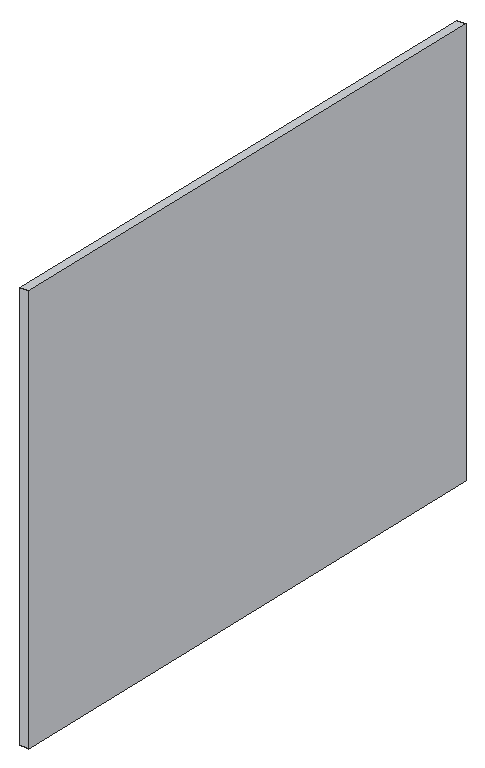
Revit family ".75 in Wide Sheating R", category Generic Models, Revit 2016
Family settings
  Part Type = Normal
  Can host rebar = No
  Round Connector Dimension = Use Diameter
  Work Plane-Based = No
  Always vertical = Yes
  Cut with Voids When Loaded = No
  Shared = No
  Room Calculation Point = No
Parameters
  Thickness = 0' - 0 3/4"
  Height = 3' - 0"
  4' wide panel = 4' - 0"
Reference planes (in)
  plane 1 "Center (Front/Back)": y = 0
  plane 2: z = 0
  plane 3 "Center (Left/Right)": x = 0
Forms (in)
  Sweep 1, solid
    path origin (0, 0, 0) x (1, 0, 0) y (0, 1, 0)
      loop
        line (0, 0) -> (0, 48)
    profile origin (0, 24, 0) x (-1, 0, 0) y (0, 0, 1)
      loop
        line (0, 0) -> (0.75, 0) -> (0.75, 36) -> (0, 36) -> (0, 0)
Dimensions and locks (in)
  "4' wide panel": Sweep 1 sketch curve to Sweep 1 sketch curve
  "Thickness": Sweep 1 sketch curve to Sweep 1 sketch curve
  "Height": Sweep 1 sketch curve to Sweep 1 sketch curve
  aligned and locked: level to plane 2
Automatic sketch dimensions
  Sweep 1 sketch curve to plane 3 "Center (Left/Right)" = 0' - 0"
  plane 1 "Center (Front/Back)" to Sweep 1 sketch curve = 0' - 0"
  Sweep 1 sketch curve to profile plane = 0' - 0"
  Sweep 1 sketch curve to level = 0' - 0"
